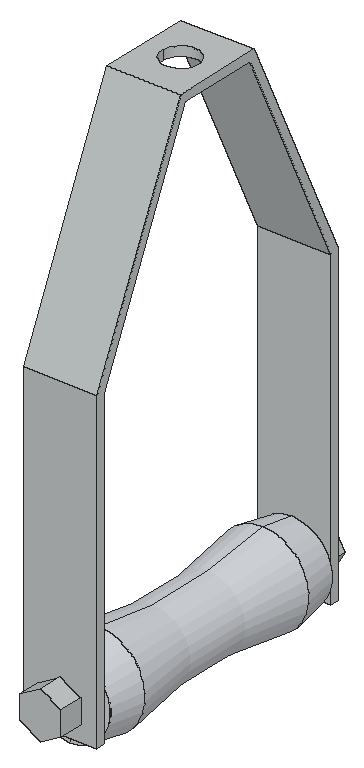
Revit family "7901", category Pipe Accessories, Revit 2018
Family settings
  Round Connector Dimension = Use Diameter
  Part Type = Normal
  OmniClass Number = 23.60.30.11.17
  OmniClass Title = Pipework/Ductwork Mechanical Fasteners/Supports
  Work Plane-Based = No
  Always vertical = Yes
  Cut with Voids When Loaded = No
  Shared = No
Parameters
  smallersize [instance] = Nominal Diameter < 1.350"  # no
  nut1_dia [instance] = size_lookup("nut_hex_US", "nut_dia", 1.500", D3)  # 0.5625"
  bolt rad [instance] = if(Nominal Diameter > 18.000", 0.500", nut1_dia / 3)  # 0.1875"
  Y3 [instance] = size_lookup(LookupTable, "Y3", 0.000", Nominal Diameter)  # 3.875"
  Weight [instance] = size_lookup(LookupTable, "Weight", "NA", Nominal Diameter)  # "1.82 lbs."
  Rest Radius [instance] = Nominal Diameter * 2.2  # 6.600"
  R1 [instance] = D1 / 2  # 1.750"
  Product ID [instance] = size_lookup(LookupTable, "ProductID", "NA", Nominal Diameter)  # "4566566"
  Part Number [instance] = size_lookup(LookupTable, "PartNumber", "NA", Nominal Diameter)  # "FNW7901EP0300"
  LookupTable [instance] = "7901 Steel Yoke Roller Hanger"  # constant formula
  fillet [instance] = D3 + Y2  # 0.500"
  Z1 [instance] = size_lookup(LookupTable, "Z1", 0.000", Nominal Diameter)  # 2.1875"
  Z4 [instance] = size_lookup(LookupTable, "Z4", 0.000", Nominal Diameter)  # 4.6875"
  Z3 [instance] = size_lookup(LookupTable, "Z3", 0.000", Nominal Diameter)  # 1.750"
  Z2 [instance] = size_lookup(LookupTable, "Z2", 0.000", Nominal Diameter)  # 2.5625"
  Y1 [instance] = size_lookup(LookupTable, "Y1", 0.000", Nominal Diameter)  # 1.000"
  Y2 [instance] = size_lookup(LookupTable, "Y2", 0.000", Nominal Diameter)  # 0.125"
  nut1_height [instance] = size_lookup("nut_hex_US", "nut_height", 1.000", D3)  # 0.32813"
  W1 [instance] = size_lookup(LookupTable, "W1", 0.000", Nominal Diameter)  # 1.000"
  URL = "http://fnw.com"
  Nominal Diameter [instance] = 3.000"
  Manufacturer = "FNW"  # constant formula
  Description BOM [instance] = size_lookup(LookupTable, "Description_BOM", "NA", Nominal Diameter)  # "3 7901 Steel Yoke Roller Hanger"
  D3 [instance] = size_lookup(LookupTable, "D3", 0.000", Nominal Diameter)  # 0.375"
  D2 [instance] = size_lookup(LookupTable, "D2", 0.000", Nominal Diameter)  # 0.500"
  D1 [instance] = size_lookup(LookupTable, "D1", 0.000", Nominal Diameter)  # 3.500"
  bolt_length [instance] = D1 + (Y2 * 4) + nut1_height + 0.250"  # 4.57812"
  biggersize [instance] = Nominal Diameter > 1.350"  # yes
  120 = 120.00°  # constant formula
Reference planes (in)
  plane 1 "Center (Front/Back)": y = 0
  plane 2: z = 0
  plane 3 "Center (Left/Right)": x = 0
  plane 4: z = -2.1875
  plane 5: z = 4.6875
  plane 6: z = 1.75
  plane 7: y = 0.5
  plane 8: y = -0.5
  plane 9: y = -1.9375
  plane 10: y = 1.9375
  plane 11: y = 2.0625
  plane 12: y = -2.0625
  plane 13: y = 2.39063
  plane 14: x = -0.5
  plane 15: x = 0.5
  plane 16: y = -2.39063
  plane 17: z = 4.8125
  plane 18: z = -2.5625
  plane 19: z = -1.625
Forms (in)
  Extrusion 1, void
    sketch origin (0, 0, 0) x (1, 0, 0) y (0, 1, 0)
      loop
        circle (0, 0) r 0.25
    from 4.6875 to 4.8125
  Extrusion 2, solid, material "Steel, Galvanized", visible <- "biggersize"
    sketch origin (0, 0, 0) x (0, 1, 0) y (0, 0, 1)
      loop
        line (-2.0625, 1.75) -> (-2.0625, -2.5625) -> (-1.9375, -2.5625) -> (-1.9375, 1.72224) -> (-0.55202, 4.6875) -> (0.54995, 4.6875) -> (1.9375, 1.72376) -> (1.9375, -2.5625) -> (2.0625, -2.5625) -> (2.0625, 1.75) -> (0.63159, 4.8125) -> (-0.63159, 4.8125) -> (-2.0625, 1.75)
    from -0.5 to 0.5
  Revolve 3, solid, material "Steel, Galvanized"
    sketch origin (0, 0, 0) x (0, 1, 0) y (0, 0, 1)
      loop
        line (-2.0625, -2.1875) -> (2.0625, -2.1875) -> (2.0625, -2) -> (-2.0625, -2) -> (-2.0625, -2.1875)
      axis (2.0625, -2.1875) -> (-2.0625, -2.1875)
    angle from 0 to 360
  Revolve 4, solid
    sketch origin (0, 0, 0) x (0, 1, 0) y (0, 0, 1)
      loop
        line (-1.89206, -2.1875) -> (1.89206, -2.1875) -> (1.89206, -1.63482) -> (1.39965, -1.54799)
        arc (1.39965, -1.54799) -> (0, -1.69811) -> (-1.39965, -1.54799) r 6.6
        line (-1.39965, -1.54799) -> (-1.89206, -1.63482) -> (-1.89206, -2.1875)
      axis (1.89206, -2.1875) -> (-1.89206, -2.1875)
    angle from 0 to 360
Cuts and joins
  Extrusion 1 cuts Extrusion 2
Lines and regions (in)
  model lines, style "center"
    curve 1: line (0, 0, 4.6875) -> (0, 0, 0)
    curve 2: line (0, 1.8125, 0) -> (0, -1.8125, 0)
Dimensions and locks (in)
  "Z4": plane 5 to plane 2
  "Z3": plane 6 to plane 2
  equal spacing: plane 8, plane 1 "Center (Front/Back)", plane 7
  "Y1": plane 8 to plane 7
  "Y2": plane 12 to plane 9
  "Y2": plane 10 to plane 11
  "nut1_height": plane 11 to plane 13
  equal spacing: plane 14, plane 3 "Center (Left/Right)", plane 15
  "W1": plane 14 to plane 15
  "Y2": plane 17 to plane 5
  "Y2": Extrusion 2 sketch curve to Extrusion 2 sketch curve
  "Y2": plane 10 to Extrusion 2 sketch curve
  "Y2": Extrusion 2 sketch curve to plane 9
  "bolt rad": Revolve 3 sketch curve to plane 4
  "nut1_height": plane 16 to plane 12
  "Z2": plane 2 to plane 18
  "Z1": plane 2 to plane 4
  equal spacing: plane 9, plane 1 "Center (Front/Back)", plane 10
  "Y3": plane 9 to plane 10
  "nut1_dia": plane 19 to plane 4
  "D2": diameter of Extrusion 1 sketch curve
  "Rest Radius": radius of Revolve 4 sketch curve
  aligned and locked: plane 2 to level
  aligned and locked: Extrusion 1 to plane 5
  aligned and locked: plane 17 to Extrusion 1
  aligned and locked: Extrusion 2 sketch curve to plane 9
  aligned and locked: Extrusion 2 sketch curve to plane 10
  aligned and locked: cut or joined group of Extrusion 1, Extrusion 2 to plane 15
  aligned and locked: plane 14 to cut or joined group of Extrusion 1, Extrusion 2
  aligned and locked: plane 4 to Revolve 3 sketch curve  (x2)
  aligned and locked: Revolve 3 sketch curve to plane 11
  aligned and locked: plane 4 to nested 1
  aligned and locked: plane 18 to Extrusion 2 sketch curve
  aligned and locked: Extrusion 2 sketch curve to plane 18
  aligned and locked: plane 4 to Revolve 4 sketch curve
  aligned and locked: Revolve 4 sketch curve to plane 4
  aligned and locked: nested 1 to plane 12
  aligned and locked: cut or joined group of Extrusion 1, Extrusion 2 to plane 11
  aligned and locked: plane 12 to Revolve 3 sketch curve
Automatic sketch dimensions
  curve 2 to plane 3 "Center (Left/Right)" = 0.000"
  plane 9 to curve 2 = 0.125"
  plane 10 to curve 2 = 0.125"
  curve 1 to level = 0.000"
  curve 1 to plane 1 "Center (Front/Back)" = 0.000"
  curve 1 to plane 5 = 0.000"
  plane 1 "Center (Front/Back)" to Extrusion 1 sketch curve = 0.000"
  Extrusion 1 sketch curve to plane 3 "Center (Left/Right)" = 0.000"
  Extrusion 2 sketch curve to plane 17 = 0.000"
  Extrusion 2 sketch curve to plane 5 = 0.000"
  plane 6 to Extrusion 2 sketch curve = 0.000"
  Extrusion 2 sketch curve to plane 6 = 0.000"
  Extrusion 2 sketch curve to plane 8 = 0.13159"
  Extrusion 2 sketch curve to plane 7 = 0.04995"
  Extrusion 2 sketch curve to plane 7 = 0.13159"
  Extrusion 2 sketch curve to plane 6 = 0.02624"
  Revolve 3 sketch curve to plane 12 = 0.03399"
  plane 13 to Revolve 3 sketch curve = 0.16471"
  Revolve 4 sketch curve to plane 1 "Center (Front/Back)" = 0.000"
  plane 19 to Revolve 4 sketch curve = 0.07701"  (x2)
  plane 9 to Revolve 4 sketch curve = 0.53785"
  plane 9 to Revolve 4 sketch curve = 0.04544"
  Revolve 4 sketch curve to plane 19 = 0.00982"  (x2)
  plane 10 to Revolve 4 sketch curve = 0.04544"
  plane 16 to Revolve 4 sketch curve = 1.14239"
  plane 13 to Revolve 4 sketch curve = 0.25143"
Nested families (in)
  nested 1: "nest hex nut" at (0, -2.39063, -2.1875) x (0, 0, 1) z (0, 1, 0), BHX1 <- "nut1_height", SCD3 <- "nut1_dia", type "nest hex nut"
    with Weight "", SCR3 0.28125", SCD3 0.5625", Product ID "", Part Number "", Nominal Diameter 1/2", Description BOM "", Center of Hex 12.000", BHX1 0.32813"
  nested 2: "nest hex nut" at (0, 2.39063, -2.1875) x (-1, 0, 0) z (0, -1, 0), BHX1 <- "nut1_height", SCD3 <- "nut1_dia", type "nest hex nut"
    with Weight "", SCR3 0.28125", SCD3 0.5625", Product ID "", Part Number "", Nominal Diameter 1/2", Description BOM "", Center of Hex 12.000", BHX1 0.32813"
Definition of nested family "nest hex nut"
  Parameters (values of type "nest hex nut")
    Weight [instance] = ""
    URL = "http://www.fnw.com"
    Standards Lookup Table = "Standards"  # constant formula
    SCR3 [instance] = SCD3 / 2  # 0.500"
    SCD3 [instance] = 1.000"
    Product ID [instance] = ""
    Part Number [instance] = ""
    Nominal Diameter [instance] = 1/2"
    LookupTable = ""
    Description BOM [instance] = ""
    Default Elevation = 48.000"
    Center of Hex [instance] = 12.000"
    BHX1 [instance] = 0.70262"
    120 = 120.00°
  Reference planes (in)
    plane 1 "Center (Front/Back)": y = 0
    plane 2: z = 0
    plane 3 "Center (Left/Right)": x = 0
    plane 4: z = 0.70262
    plane 5: x = 0
  Forms (in)
    Extrusion 1, solid
      sketch origin (-12, 0, 0) x (1, 0, 0) y (0, 1, 0)
        loop
          line (12.57735, 0) -> (12.28868, 0.5) -> (11.71132, 0.5) -> (11.42265, 0) -> (11.71132, -0.5) -> (12.28868, -0.5) -> (12.57735, 0)
      from 0 to 0.70262
  Dimensions and locks (in)
    "BHX1": plane 4 to plane 2
    equal spacing: Extrusion 1 sketch curve, plane 5, Extrusion 1 sketch curve  (x2)
    equal spacing: Extrusion 1 sketch curve, plane 1 "Center (Front/Back)", Extrusion 1 sketch curve
    "SCD3": Extrusion 1 sketch curve to Extrusion 1 sketch curve  (x3)
    "120": angle Extrusion 1 sketch curve to Extrusion 1 sketch curve  (x5)
    aligned and locked: plane 2 to level
    aligned and locked: Extrusion 1 to plane 4
    aligned and locked: Extrusion 1 to plane 2
